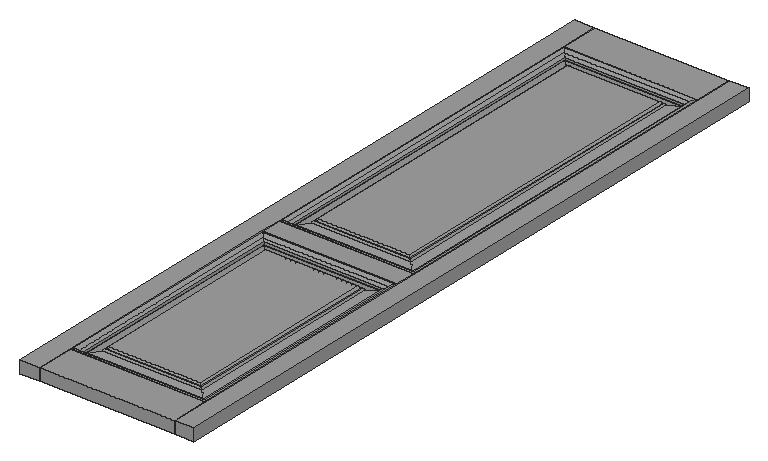
Revit family "Artisan Raised Panel", category Generic Models, Revit 2017
Family settings
  Can host rebar = No
  Round Connector Dimension = Use Diameter
  Part Type = Normal
  Work Plane-Based = Yes
  Always vertical = No
  Cut with Voids When Loaded = No
  Shared = No
  Room Calculation Point = No
Parameters
  URL = "www.newhorizonshutters.com"
  Type Comments = "****All shutter dimensions and configurations to be approved by NHSI****"
  Top Rail = 0' - 4"
  Shutter Width = 1' - 6"
  Shutter Thickness = 0' - 1 1/4"
  Shutter Height = 6' - 0"
  Model = "Artisan Raised Panel"
  Mid Rail Height = 2' - 6"
  Mid Rail = 0' - 2 1/4"
  Manufacturer = "New Horizon Shutters"
  Finish Color = Default
  Default Elevation = 4' - 0"
  Bottom Rail = 0' - 4"
Reference planes (in)
  plane 1 "Center (Front/Back)": y = 0
  plane 2: z = 0
  plane 3 "Center (Left/Right)": x = 0
  plane 4: x = -9
  plane 5: x = 9
  plane 6: y = 72
  plane 7: y = 4
  plane 8: y = 68
  plane 9: z = 1.25
  plane 10: z = 0.625
  plane 11: x = -7
  plane 12: x = 7
  plane 13: y = 30
  plane 14: y = 31.125
  plane 15: y = 28.875
  plane 16: z = 1.14492
Forms (in)
  Extrusion 1, solid, material "Default" <- "Finish Color"
    sketch origin (0, 0, 0) x (1, 0, 0) y (0, 1, 0)
      loop
        line (-9, 72) -> (-9, 0) -> (-7, 0) -> (-7, 72) -> (-9, 72)
    from 0 to 1.25
  Extrusion 2, solid, material "Default" <- "Finish Color"
    sketch origin (0, 0, 0) x (-1, 0, 0) y (0, -1, 0)
      loop
        line (-9, -72) -> (-7, -72) -> (-7, 0) -> (-9, 0) -> (-9, -72)
    from 0 to 1.25
  Extrusion 3, solid, material "Default" <- "Finish Color"
    sketch origin (0, 0, 0) x (1, 0, 0) y (0, 1, 0)
      loop
        line (-7, 4) -> (-7, 0) -> (7, 0) -> (7, 4) -> (-7, 4)
    from 0 to 1.25
  Extrusion 4, solid, material "Default" <- "Finish Color"
    sketch origin (0, 0, 0) x (1, 0, 0) y (0, 1, 0)
      loop
        line (-7, 72) -> (-7, 68) -> (7, 68) -> (7, 72) -> (-7, 72)
    from 0 to 1.25
  Extrusion 5, solid, material "Default" <- "Finish Color"
    sketch origin (0, 0, 0) x (1, 0, 0) y (0, 1, 0)
      loop
        line (-7, 31.125) -> (-7, 28.875) -> (7, 28.875) -> (7, 31.125) -> (-7, 31.125)
    from 0 to 1.25
  Extrusion 6, solid, material "Default" <- "Finish Color"
    sketch origin (0, 0, 0) x (1, 0, 0) y (0, 1, 0)
      loop
        line (-7, 4) -> (7, 4) -> (7, 28.875) -> (-7, 28.875) -> (-7, 4)
    from 0 to 1.25
  Sweep 7, void
    path origin (0, 0, 0) x (1, 0, 0) y (0, 1, 0)
      loop
        line (-7, 28.875) -> (-7, 4) -> (7, 4) -> (7, 28.875) -> (-7, 28.875)
    profile origin (0, 28.875, 0) x (0, 1, 0) y (0, 0, 1)
      loop
        arc (-0.45799, 1.04711) -> (-0.24751, 1.1862) -> (0, 1.235) r 0.65213
        line (0, 1.235) -> (0, 1.75) -> (-2.22511, 1.75) -> (-2.22511, 1.25)
        arc (-2.22511, 1.25) -> (-2.14753, 1.14949) -> (-2.04494, 1.07469) r 0.44963
        line (-2.04494, 1.07469) -> (-2.04741, 1.0363)
        arc (-2.04741, 1.0363) -> (-1.93066, 0.99933) -> (-1.85904, 0.9) r 0.19481
        line (-1.85904, 0.9) -> (-0.85904, 0.66) -> (-0.79915, 0.66) -> (-0.79915, 0.86)
        arc (-0.79915, 0.86) -> (-0.60656, 0.91342) -> (-0.45799, 1.04711) r 0.43628
  Extrusion 8, solid, material "Default" <- "Finish Color"
    sketch origin (0, 0, 0) x (1, 0, 0) y (0, 1, 0)
      loop
        line (-7, 31.125) -> (7, 31.125) -> (7, 68) -> (-7, 68) -> (-7, 31.125)
    from 0 to 1.25
  Sweep 9, void
    path origin (0, 0, 0) x (1, 0, 0) y (0, 1, 0)
      loop
        line (-7, 68) -> (-7, 31.125) -> (7, 31.125) -> (7, 68) -> (-7, 68)
    profile origin (0, 68, 0) x (0, 1, 0) y (0, 0, 1)
      loop
        arc (-0.45799, 1.04711) -> (-0.24751, 1.1862) -> (0, 1.235) r 0.65213
        line (0, 1.235) -> (0, 1.75) -> (-2.22511, 1.75) -> (-2.22511, 1.25)
        arc (-2.22511, 1.25) -> (-2.14753, 1.14949) -> (-2.04494, 1.07469) r 0.44963
        line (-2.04494, 1.07469) -> (-2.04741, 1.0363)
        arc (-2.04741, 1.0363) -> (-1.93066, 0.99933) -> (-1.85904, 0.9) r 0.19481
        line (-1.85904, 0.9) -> (-0.85904, 0.66) -> (-0.79915, 0.66) -> (-0.79915, 0.86)
        arc (-0.79915, 0.86) -> (-0.60656, 0.91342) -> (-0.45799, 1.04711) r 0.43628
Cuts and joins
  Sweep 7, Sweep 9 cuts Extrusion 1
  Sweep 7, Sweep 9 cuts Extrusion 2
  Sweep 7 cuts Extrusion 3
  Sweep 7, Sweep 9 cuts Extrusion 5
  Sweep 7 cuts Extrusion 6
  Sweep 9 cuts Extrusion 4
  Sweep 9 cuts Extrusion 8
Dimensions and locks (in)
  equal spacing: plane 4, plane 3 "Center (Left/Right)", plane 5
  "Shutter Width": plane 4 to plane 5
  "Shutter Height": plane 1 "Center (Front/Back)" to plane 6
  "Top Rail": plane 6 to plane 8
  "Bottom Rail": plane 1 "Center (Front/Back)" to plane 7
  equal spacing: plane 9, plane 10, level
  "Shutter Thickness": plane 9 to level
  plane 1 "Center (Front/Back)" to Extrusion 1 = 6' - 0"
  locked: plane 4 to plane 11 at 2
  locked: plane 12 to plane 5 at 2
  "Mid Rail Height": plane 1 "Center (Front/Back)" to plane 13
  equal spacing: plane 14, plane 13, plane 15
  "Mid Rail": plane 14 to plane 15
  aligned and locked: plane 2 to level
  aligned and locked: Extrusion 1 sketch curve to plane 6
  aligned and locked: plane 4 to Extrusion 1 sketch curve
  aligned and locked: Extrusion 1 sketch curve to plane 1 "Center (Front/Back)"
  aligned and locked: Extrusion 1 sketch curve to plane 11
  aligned and locked: Extrusion 1 to level
  aligned and locked: plane 9 to Extrusion 1
  aligned and locked: plane 12 to Extrusion 2 sketch curve
  aligned and locked: Extrusion 3 sketch curve to plane 7
  aligned and locked: plane 11 to Extrusion 3 sketch curve
  aligned and locked: Extrusion 3 sketch curve to Extrusion 2
  aligned and locked: Extrusion 2 to Extrusion 3 sketch curve
  aligned and locked: Extrusion 3 to level
  aligned and locked: plane 9 to Extrusion 3
  aligned and locked: Extrusion 4 sketch curve to Extrusion 1
  aligned and locked: plane 11 to Extrusion 4 sketch curve
  aligned and locked: plane 8 to Extrusion 4 sketch curve
  aligned and locked: plane 12 to Extrusion 4 sketch curve
  aligned and locked: Extrusion 4 to level
  aligned and locked: plane 9 to Extrusion 4
  aligned and locked: Extrusion 2 to level
  aligned and locked: plane 9 to Extrusion 2
  aligned and locked: Extrusion 5 sketch curve to plane 14
  aligned and locked: plane 11 to Extrusion 5 sketch curve
  aligned and locked: plane 15 to Extrusion 5 sketch curve
  aligned and locked: plane 12 to Extrusion 5 sketch curve
  aligned and locked: Extrusion 5 to level
  aligned and locked: plane 9 to Extrusion 5
  aligned and locked: Extrusion 6 sketch curve to Extrusion 3  (x2)
  aligned and locked: Extrusion 6 sketch curve to Extrusion 5  (x2)
  aligned and locked: Extrusion 6 to level
  aligned and locked: plane 9 to Extrusion 6
  aligned and locked: Sweep 7 sketch curve to Extrusion 5
  aligned and locked: Sweep 7 sketch curve to Extrusion 6  (x2)
  aligned and locked: Sweep 7 sketch curve to Extrusion 3
  aligned and locked: Extrusion 8 sketch curve to cut or joined group of Extrusion 5, Sweep 7, Sweep 9  (x2)
  aligned and locked: Extrusion 8 sketch curve to Extrusion 4  (x2)
  aligned and locked: Extrusion 8 to level
  aligned and locked: plane 9 to Extrusion 8
  aligned and locked: Sweep 9 sketch curve to Extrusion 4
  aligned and locked: Sweep 9 sketch curve to Extrusion 8  (x2)
  aligned and locked: Sweep 9 sketch curve to cut or joined group of Extrusion 5, Sweep 7, Sweep 9
Automatic sketch dimensions
  plane 1 "Center (Front/Back)" to Extrusion 2 sketch curve = 0' - 0"
  Extrusion 2 sketch curve to plane 5 = 0' - 0"
  Extrusion 2 sketch curve to plane 6 = 0' - 0"
  profile plane to Sweep 7 sketch curve = 0' - 2.22511"
  Sweep 7 sketch curve to Sweep 7 sketch curve = 0' - 0.17771"
  level to Sweep 7 sketch curve = 0' - 1.07469"
  Sweep 7 sketch curve to Sweep 7 sketch curve = 0' - 0.00247"
  Sweep 7 sketch curve to Sweep 7 sketch curve = 0' - 0.00255"
  level to Sweep 7 sketch curve = 0' - 0.9"
  Sweep 7 sketch curve to Sweep 7 sketch curve = 0' - 0.18582"
  Sweep 7 sketch curve to Sweep 7 sketch curve = 0' - 0.21097"
  Sweep 7 sketch curve to Sweep 7 sketch curve = 0' - 1"
  Sweep 7 sketch curve to Sweep 7 sketch curve = 0' - 0.04269"
  Sweep 7 sketch curve to Sweep 7 sketch curve = 0' - 0.05989"
  Sweep 7 sketch curve to Sweep 7 sketch curve = 0' - 0.81635"
  Sweep 7 sketch curve to Sweep 7 sketch curve = 0' - 0.04"
  Sweep 7 sketch curve to Sweep 7 sketch curve = 0' - 0.0585"
  Sweep 7 sketch curve to Sweep 7 sketch curve = 0' - 0.2"
  Sweep 7 sketch curve to Sweep 7 sketch curve = 0' - 0.07713"
  Sweep 7 sketch curve to Sweep 7 sketch curve = 0' - 0.65213"
  Sweep 7 sketch curve to Sweep 7 sketch curve = 0' - 0.17531"
  Sweep 7 sketch curve to Sweep 7 sketch curve = 0' - 0.43594"
  Sweep 7 sketch curve to Sweep 7 sketch curve = 0' - 0.27826"
  profile plane to Sweep 9 sketch curve = 0' - 2.22511"
  profile plane to Sweep 9 sketch curve = 0' - 2.04741"
  Sweep 9 sketch curve to Sweep 9 sketch curve = 0' - 0.00247"
  profile plane to Sweep 9 sketch curve = 0' - 2.04486"
  Sweep 9 sketch curve to Sweep 9 sketch curve = 0' - 0.18582"
  profile plane to Sweep 9 sketch curve = 0' - 1.83397"
  Sweep 9 sketch curve to Sweep 9 sketch curve = 0' - 1"
  Sweep 9 sketch curve to Sweep 9 sketch curve = 0' - 0.04269"
  Sweep 9 sketch curve to Sweep 9 sketch curve = 0' - 0.05989"
  Sweep 9 sketch curve to Sweep 9 sketch curve = 0' - 0.81635"
  level to Sweep 9 sketch curve = 0' - 0.58287"
  Sweep 9 sketch curve to Sweep 9 sketch curve = 0' - 0.07713"
  Sweep 9 sketch curve to Sweep 9 sketch curve = 0' - 0.1815"
  Sweep 9 sketch curve to Sweep 9 sketch curve = 0' - 0.2"
  Sweep 9 sketch curve to Sweep 9 sketch curve = 0' - 0.0585"
  Sweep 9 sketch curve to Sweep 9 sketch curve = 0' - 0.03839"
  Sweep 9 sketch curve to Sweep 9 sketch curve = 0' - 0.65213"
  Sweep 9 sketch curve to Sweep 9 sketch curve = 0' - 0.17531"
  Sweep 9 sketch curve to Sweep 9 sketch curve = 0' - 0.43594"
  Sweep 9 sketch curve to Sweep 9 sketch curve = 0' - 0.27826"
